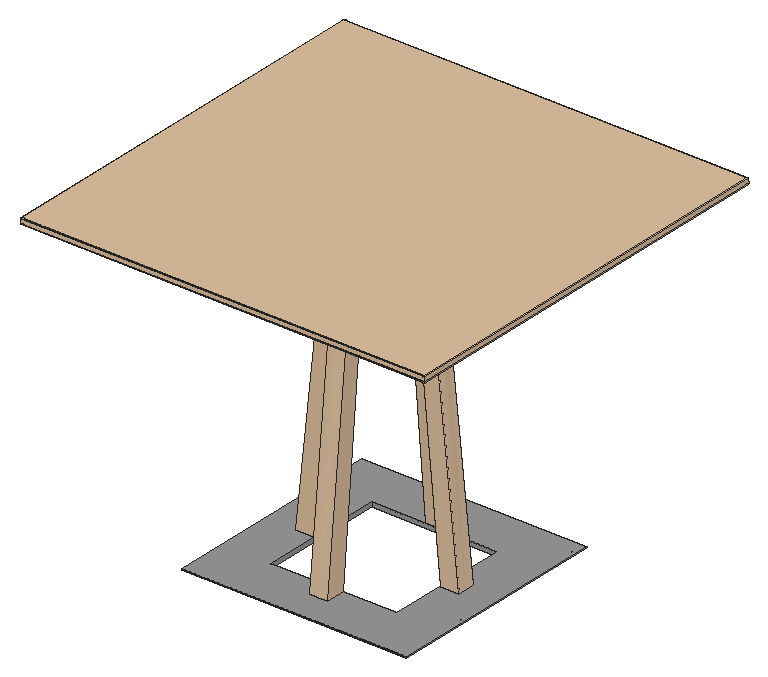
Revit family "FU_Table_Sandler_Sella 292-21", category Furniture, Revit 2020
Family settings
  OmniClass Number = 23.40.20.00
  OmniClass Title = General Furniture and Specialties
  Work Plane-Based = No
  Always vertical = Yes
  Cut with Voids When Loaded = No
  Shared = No
  Room Calculation Point = No
Parameters (values of type "Sella 292.21")
  Width = 900 mm
  Wood Finish = Wood - Beech - Cherry Wood - V
  URL = "https://www.sandlerseating.com/product/sella-292-21/"
  Model = "Sella 292.21"
  Manufacturer = "Sandler"
  Height = 730 mm
  Description = "A contemporary table in matt beech. Stainless steel base. Indoor use only."
  Depth = 900 mm
  Default Elevation = 0 mm
Reference planes
  plane 1 "Center (Front/Back)": y = 0
  plane 2: z = 0
  plane 3 "Center (Left/Right)": x = 0
  plane 4 "Right": x = -450
  plane 5 "Left": x = 450
  plane 6 "Back": y = 450
  plane 7 "Front": y = -450
  plane 8 "Height": z = 730
  plane 9 "Top Thickness": z = 700
  plane 10 "Base Height": z = 12.929
  plane 11 "Base Edge  Right": x = -250
  plane 12 "Base Edge Left": x = 250
  plane 13 "Base Edge  Back": y = 250
  plane 14 "Base Edge Front": y = -250
  plane 15 "Top Support Base": z = 645.463
Forms (mm)
  Extrusion 1, solid, material "Wood - Beech - Cherry Wood - V" <- "Wood Finish"
    sketch origin (0, 0, 700) x (-1, 0, 0) y (0, -1, 0)
      loop
        line (380, -380) -> (380, 380) -> (-380, 380) -> (-380, -380) -> (380, -380)
    from 0 to 30
  Sweep 2, solid, material "Wood - Beech - Cherry Wood - V" <- "Wood Finish"
    path in 3D
      loop
        line (-380, -380, 730) -> (380, -380, 730) -> (380, 380, 730) -> (-380, 380, 730) -> (-380, -380, 730)
    profile "Pro_Sella Top Edge : Pro_Sella Top Edge" origin (-380, 0, 730) x (1, 0, 0) y (0, 0, 1)
      loop
        line (0, 0) -> (-67.955, 0)
        arc (-67.955, 0) -> (-69.401, -0.599) -> (-70, -2.045) r 2.045
        line (-70, -2.045) -> (-70, -11.513)
        arc (-70, -11.513) -> (-69.595, -12.72) -> (-68.543, -13.438) r 2
        line (-68.543, -13.438) -> (-3, -31) -> (0, -31) -> (0, 0)
  Extrusion 3, solid, material "Stainless Steel AISI 304"
    sketch origin (0, 0, 12.929) x (-1, 0, 0) y (0, -1, 0)
      loop
        line (250, -250) -> (250, 250) -> (-250, 250) -> (-250, -250) -> (250, -250)
      loop
        line (140, -140) -> (140, 140) -> (-140, 140) -> (-140, -140) -> (140, -140)
    from -2 to 0
  Extrusion 4, solid, material "Stainless Steel AISI 304"
    sketch origin (0, 0, 12.929) x (-1, 0, 0) y (0, -1, 0)
      loop
        line (240, -240) -> (240, 240) -> (-240, 240) -> (-240, -240) -> (240, -240)
      loop
        line (140, -140) -> (140, 140) -> (-140, 140) -> (-140, -140) -> (140, -140)
    from -2 to -10
  Extrusion 5, solid, material "Stainless Steel AISI 304"
    sketch origin (0, 0, 12.929) x (-1, 0, 0) y (0, -1, 0)
      loop
        line (12.5, -220) -> (12.5, -195) -> (-12.5, -195) -> (-12.5, -220) -> (12.5, -220)
      loop
        line (-195, -12.5) -> (-195, 12.5) -> (-220, 12.5) -> (-220, -12.5) -> (-195, -12.5)
      loop
        line (12.5, 195) -> (12.5, 220) -> (-12.5, 220) -> (-12.5, 195) -> (12.5, 195)
      loop
        line (220, -12.5) -> (220, 12.5) -> (195, 12.5) -> (195, -12.5) -> (220, -12.5)
    from -8.454 to -13
  Blend 6, solid, material "Wood - Beech - Cherry Wood - V" <- "Wood Finish"
    base sketch origin (0, 0, 12.929) x (-1, 0, 0) y (0, -1, 0)
      loop
        line (181.588, -20) -> (181.588, 20) -> (141.588, 20) -> (141.588, -20) -> (181.588, -20)
    top sketch origin (0, 0, 12.929) x (-1, 0, 0) y (0, -1, 0)
      loop
        arc (108.503, -20) -> (110.331, 0) -> (108.503, 20) r 110.331
        line (108.503, 20) -> (77.081, 20) -> (77.081, -20) -> (108.503, -20)
    from 0 to 687.071
  Blend 7, solid, material "Wood - Beech - Cherry Wood - V" <- "Wood Finish"
    base sketch origin (0, 0, 12.929) x (1, 0, 0) y (0, 1, 0)
      loop
        line (181.588, 20) -> (141.588, 20) -> (141.588, -20) -> (181.588, -20) -> (181.588, 20)
    top sketch origin (0, 0, 12.929) x (1, 0, 0) y (0, 1, 0)
      loop
        line (108.503, 20) -> (77.081, 20) -> (77.081, -20) -> (108.503, -20)
        arc (108.503, -20) -> (110.331, 0) -> (108.503, 20) r 110.331
    from 0 to 687.071
  Blend 8, solid, material "Wood - Beech - Cherry Wood - V" <- "Wood Finish"
    base sketch origin (0, 0, 12.929) x (0, 1, 0) y (-1, 0, 0)
      loop
        line (181.588, -20) -> (181.588, 20) -> (141.588, 20) -> (141.588, -20) -> (181.588, -20)
    top sketch origin (0, 0, 12.929) x (0, 1, 0) y (-1, 0, 0)
      loop
        arc (108.503, -20) -> (110.331, 0) -> (108.503, 20) r 110.331
        line (108.503, 20) -> (77.081, 20) -> (77.081, -20) -> (108.503, -20)
    from 0 to 687.071
  Blend 9, solid, material "Wood - Beech - Cherry Wood - V" <- "Wood Finish"
    base sketch origin (0, 0, 12.929) x (0, -1, 0) y (1, 0, 0)
      loop
        line (181.588, 20) -> (141.588, 20) -> (141.588, -20) -> (181.588, -20) -> (181.588, 20)
    top sketch origin (0, 0, 12.929) x (0, -1, 0) y (1, 0, 0)
      loop
        line (108.503, 20) -> (77.081, 20) -> (77.081, -20) -> (108.503, -20)
        arc (108.503, -20) -> (110.331, 0) -> (108.503, 20) r 110.331
    from 0 to 687.071
  Revolve 10, solid, material "Wood - Beech - Cherry Wood - V" <- "Wood Finish"
    sketch origin (0, 0, 0) x (1, 0, 0) y (0, 0, 1)
      loop
        line (0, 700) -> (-110.643, 700) -> (-116.398, 645.463) -> (0, 645.463) -> (0, 700)
      axis (0, 700) -> (0, 645.463)
    angle from 0 to 360
Cuts and joins
  joined: Extrusion 1, Sweep 2
  joined: Extrusion 3, Extrusion 4, Extrusion 5
  joined: Blend 6, Blend 7, Blend 8, Blend 9, Revolve 10
Lines and regions (mm)
  sketch lines
    curve 1: line (-380, 380, 730) -> (-380, -380, 730)
    curve 2: line (-380, -380, 730) -> (380, -380, 730)
    curve 3: line (380, -380, 730) -> (380, 380, 730)
    curve 4: line (380, 380, 730) -> (-380, 380, 730)
Dimensions and locks
  equal spacing: plane 4 "Right", plane 3 "Center (Left/Right)", plane 5 "Left"
  "Width": plane 4 "Right" to plane 5 "Left"
  equal spacing: plane 6 "Back", plane 1 "Center (Front/Back)", plane 7 "Front"
  "Depth": plane 6 "Back" to plane 7 "Front"
  "Height": plane 8 "Height" to level
  plane 9 "Top Thickness" to level = 700 mm
  aligned and locked: level to plane 2
  aligned and locked: Extrusion 1 to plane 9 "Top Thickness"
  aligned and locked: plane 8 "Height" to Extrusion 1
  aligned and locked: Blend 6 to plane 10 "Base Height"
Automatic sketch dimensions
  plane 5 "Left" to Extrusion 1 sketch curve = 70 mm
  Extrusion 1 sketch curve to plane 4 "Right" = 70 mm
  Extrusion 1 sketch curve to plane 6 "Back" = 70 mm
  plane 7 "Front" to Extrusion 1 sketch curve = 70 mm
  Extrusion 3 sketch curve to plane 12 "Base Edge Left" = 0 mm
  Extrusion 3 sketch curve to plane 11 "Base Edge  Right" = 0 mm
  Extrusion 3 sketch curve to plane 13 "Base Edge  Back" = 0 mm
  Extrusion 3 sketch curve to plane 14 "Base Edge Front" = 0 mm
  plane 12 "Base Edge Left" to Extrusion 3 sketch curve = 110 mm
  Extrusion 3 sketch curve to plane 11 "Base Edge  Right" = 110 mm
  Extrusion 3 sketch curve to plane 13 "Base Edge  Back" = 110 mm
  plane 14 "Base Edge Front" to Extrusion 3 sketch curve = 110 mm
  plane 12 "Base Edge Left" to Extrusion 4 sketch curve = 10 mm
  plane 12 "Base Edge Left" to Extrusion 4 sketch curve = 110 mm
  Extrusion 4 sketch curve to plane 11 "Base Edge  Right" = 110 mm
  Extrusion 4 sketch curve to plane 11 "Base Edge  Right" = 10 mm
  Extrusion 4 sketch curve to plane 13 "Base Edge  Back" = 10 mm
  Extrusion 4 sketch curve to plane 13 "Base Edge  Back" = 110 mm
  plane 14 "Base Edge Front" to Extrusion 4 sketch curve = 110 mm
  plane 14 "Base Edge Front" to Extrusion 4 sketch curve = 10 mm
  plane 1 "Center (Front/Back)" to Extrusion 5 sketch curve = 12.5 mm  (x2)
  plane 12 "Base Edge Left" to Extrusion 5 sketch curve = 30 mm
  Extrusion 5 sketch curve to Extrusion 5 sketch curve = 25 mm  (x4)
  plane 3 "Center (Left/Right)" to Extrusion 5 sketch curve = 12.5 mm  (x2)
  Extrusion 5 sketch curve to plane 3 "Center (Left/Right)" = 12.5 mm  (x2)
  Extrusion 5 sketch curve to plane 1 "Center (Front/Back)" = 12.5 mm  (x2)
  Extrusion 5 sketch curve to plane 11 "Base Edge  Right" = 55 mm
  Extrusion 5 sketch curve to plane 13 "Base Edge  Back" = 55 mm
  plane 14 "Base Edge Front" to Extrusion 5 sketch curve = 55 mm
  Blend 6 sketch curve to plane 1 "Center (Front/Back)" = 20 mm  (x2)
  Blend 6 sketch curve to plane 11 "Base Edge  Right" = 108.412 mm
  Blend 6 sketch curve to Blend 6 sketch curve = 40 mm
  plane 1 "Center (Front/Back)" to Blend 6 sketch curve = 20 mm  (x2)
  plane 1 "Center (Front/Back)" to Blend 7 sketch curve = 20 mm  (x2)
  Blend 7 sketch curve to plane 12 "Base Edge Left" = 108.412 mm
  Blend 7 sketch curve to Blend 7 sketch curve = 40 mm
  Blend 7 sketch curve to plane 1 "Center (Front/Back)" = 20 mm  (x2)
  plane 3 "Center (Left/Right)" to Blend 8 sketch curve = 20 mm  (x2)
  Blend 8 sketch curve to plane 13 "Base Edge  Back" = 108.412 mm
  Blend 8 sketch curve to Blend 8 sketch curve = 40 mm
  Blend 8 sketch curve to plane 3 "Center (Left/Right)" = 20 mm  (x2)
  plane 3 "Center (Left/Right)" to Blend 9 sketch curve = 20 mm  (x2)
  plane 14 "Base Edge Front" to Blend 9 sketch curve = 108.412 mm
  Blend 9 sketch curve to Blend 9 sketch curve = 40 mm
  Blend 9 sketch curve to plane 3 "Center (Left/Right)" = 20 mm  (x2)
  Revolve 10 sketch curve to plane 15 "Top Support Base" = 0 mm
  Revolve 10 sketch curve to plane 9 "Top Thickness" = 0 mm
  Revolve 10 sketch curve to plane 3 "Center (Left/Right)" = 0 mm  (x2)
  Revolve 10 sketch curve to plane 3 "Center (Left/Right)" = 110.643 mm
  Revolve 10 sketch curve to Revolve 10 sketch curve = 5.755 mm
  Revolve 10 sketch curve to plane 15 "Top Support Base" = 25.463 mm
  plane 9 "Top Thickness" to Revolve 10 sketch curve = 10 mm
  plane 1 "Center (Front/Back)" to Blend 6 sketch curve = 0 mm
  Blend 6 sketch curve to plane 3 "Center (Left/Right)" = 0 mm
  Blend 6 sketch curve to plane 3 "Center (Left/Right)" = 77.081 mm
  Blend 6 sketch curve to Blend 6 sketch curve = 31.422 mm
  plane 1 "Center (Front/Back)" to Blend 8 sketch curve = 0 mm
  Blend 8 sketch curve to plane 3 "Center (Left/Right)" = 0 mm
  Blend 8 sketch curve to plane 1 "Center (Front/Back)" = 77.081 mm
  Blend 8 sketch curve to Blend 8 sketch curve = 31.422 mm
  plane 1 "Center (Front/Back)" to Blend 7 sketch curve = 0 mm
  Blend 7 sketch curve to plane 3 "Center (Left/Right)" = 0 mm
  Blend 7 sketch curve to plane 3 "Center (Left/Right)" = 77.081 mm
  Blend 7 sketch curve to Blend 7 sketch curve = 31.422 mm
  plane 1 "Center (Front/Back)" to Blend 9 sketch curve = 0 mm
  Blend 9 sketch curve to plane 3 "Center (Left/Right)" = 0 mm
  plane 1 "Center (Front/Back)" to Blend 9 sketch curve = 77.081 mm
  Blend 9 sketch curve to Blend 9 sketch curve = 31.422 mm
